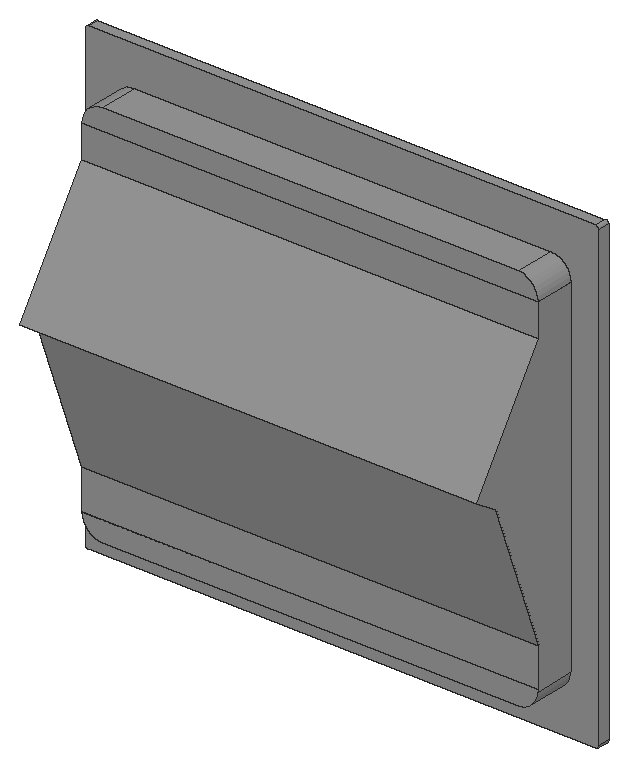
Revit family "L&L_LUCE&LIGHT_PASITO_1.1", category Lighting Fixtures, host Wall, Revit 2018 (continued)
Types (2, lengths in mm): name | built-in parameter 1150142 | Photometric Web File
     0.00 0.00 0.00 0.00 0.00 0.00 \r\n0.00 0.00 0.00 0.00 0.00 0.00 0.00 0.00 0.00 0.00 0.00 \r\n0.00 0.00 0.00 0.00 0.00 0.00 0.00 0.00 0.00 0.00 0.00 \r\n0.00 0.00 0.00 0.00 0.00 0.00 0.00 0.00 0.00 0.00 0.00 \r\n0.00 0.00 0.00 0.00 0.01 \r\n0.00 0.00 0.00 0.00 0.00 0.00 0.00 0.00 0.00 0.00 0.00 \r\n0.00 0.00 0.00 0.00 0.00 0.00 0.00 0.00 0.00 0.00 0.00 \r\n0.00 0.00 0.00 0.00 0.00 0.00 0.00 0.00 0.00 0.00 0.00 \r\n0.00 0.00 0.00 0.00 0.00 0.00 0.00 0.00 0.00 0.00 0.00 \r\n0.00 0.00 0.00 0.00 0.00 0.00 0.00 0.00 0.00 0.00 0.00 \r\n0.00 0.00 0.00 0.00 0.00 0.00 0.00 0.00 0.00 0.00 0.00 \r\n0.00 0.00 0.00 0.00 0.00 0.00 0.00 0.00 0.00 0.00 0.00 \r\n0.00 0.00 0.00 0.00 0.00 0.00 0.00 0.00 0.00 0.00 0.00 \r\n0.00 0.00 0.00 0.00 0.00 0.00 0.00 0.00 0.00 0.00 0.00 \r\n0.00 0.00 0.00 0.00 0.00 0.00 0.00 0.00 0.00 0.00 0.00 \r\n0.00 0.00 0.00 0.00 0.00 0.00 0.00 0.00 0.00 0.00 0.00 \r\n0.00 0.00 0.00 0.00 0.00 0.00 0.00 0.00 0.00 0.00 0.00 \r\n0.00 0.00 0.00 0.00 0.00 0.00 0.00 0.00 0.00 0.00 0.00 \r\n0.00 0.00 0.00 0.00 0.00 0.00 0.00 0.00 0.00 0.00 0.00 \r\n0.00 0.00 0.00 0.00 0.00 0.00 0.00 0.00 0.00 0.00 0.00 \r\n0.00 0.00 0.00 0.00 0.00 0.00 0.00 0.00 0.00 0.00 0.00 \r\n0.00 0.00 0.00 0.00 0.01 \r\n0.00 0.00 0.00 0.00 0.00 0.00 0.00 0.00 0.00 0.00 0.00 \r\n0.00 0.00 0.00 0.00 0.00 0.00 0.00 0.00 0.00 0.00 0.00 \r\n0.00 0.00 0.00 0.00 0.00 0.00 0.00 0.00 0.00 0.00 0.00 \r\n0.00 0.00 0.00 0.00 0.00 0.00 0.00 0.00 0.00 0.00 0.00 \r\n0.00 0.00 0.00 0.00 0.00 0.00 0.00 0.00 0.00 0.00 0.00 \r\n0.00 0.00 0.00 0.00 0.00 0.00 0.00 0.00 0.00 0.00 0.00 \r\n0.00 0.00 0.00 0.00 0.00 0.00 0.00 0.00 0.00 0.00 0.00 \r\n0.00 0.00 0.00 0.00 0.00 0.00 0.00 0.00 0.00 0.00 0.00 \r\n0.00 0.00 0.00 0.00 0.00 0.00 0.00 0.00 0.00 0.00 0.00 \r\n0.00 0.00 0.00 0.00 0.00 0.00 0.00 0.00 0.00 0.00 0.00 \r\n0.00 0.00 0.00 0.00 0.00 0.00 0.00 0.00 0.00 0.00 0.00 \r\n0.00 0.00 0.00 0.00 0.00 0.00 0.00 0.00 0.00 0.00 0.00 \r\n0.00 0.00 0.00 0.00 0.00 0.00 0.00 0.00 0.00 0.00 0.00 \r\n0.00 0.00 0.00 0.00 0.00 0.00 0.00 0.00 0.00 0.00 0.00 \r\n0.00 0.00 0.00 0.00 0.00 0.00 0.00 0.00 0.00 0.00 0.00 \r\n0.00 0.00 0.00 0.00 0.00 0.00 0.00 0.00 0.00 0.00 0.00 \r\n0.00 0.00 0.00 0.00 0.01 \r\n0.00 0.00 0.00 0.00 0.00 0.00 0.00 0.00 0.00 0.00 0.00 \r\n0.00 0.00 0.00 0.00 0.00 0.00 0.00 0.00 0.00 0.00 0.00 \r\n0.00 0.00 0.00 0.00 0.00 0.00 0.00 0.00 0.00 0.00 0.00 \r\n0.00 0.00 0.00 0.00 0.00 0.00 0.00 0.00 0.00 0.00 0.00 \r\n0.00 0.00 0.00 0.00 0.00 0.00 0.00 0.00 0.00 0.00 0.00 \r\n0.00 0.00 0.00 0.00 0.00 0.00 0.00 0.00 0.00 0.00 0.00 \r\n0.00 0.00 0.00 0.00 0.00 0.00 0.00 0.00 0.00 0.00 0.00 \r\n0.00 0.00 0.00 0.00 0.00 0.00 0.00 0.00 0.00 0.00 0.00 \r\n0.00 0.00 0.00 0.00 0.00 0.00 0.00 0.00 0.00 0.00 0.00 \r\n0.00 0.00 0.00 0.00 0.00 0.00 0.00 0.00 0.00 0.00 0.00 \r\n0.00 0.00 0.00 0.00 0.00 0.00 0.00 0.00 0.00 0.00 0.00 \r\n0.00 0.00 0.00 0.00 0.00 0.00 0.00 0.00 0.00 0.00 0.00 \r\n0.00 0.00 0.00 0.00 0.00 0.00 0.00 0.00 0.00 0.00 0.00 \r\n0.00 0.00 0.00 0.00 0.00 0.00 0.00 0.00 0.00 0.00 0.00 \r\n0.00 0.00 0.00 0.00 0.00 0.00 0.00 0.00 0.00 0.00 0.00 \r\n0.00 0.00 0.00 0.00 0.00 0.00 0.00 0.00 0.00 0.00 0.00 \r\n0.00 0.00 0.00 0.00 0.01 \r\n0.00 0.00 0.00 0.00 0.00 0.00 0.00 0.00 0.00 0.00 0.00 \r\n0.00 0.00 0.00 0.00 0.00 0.00 0.00 0.00 0.00 0.00 0.00 \r\n0.00 0.00 0.00 0.00 0.00 0.00 0.00 0.00 0.00 0.00 0.00 \r\n0.00 0.00 0.00 0.00 0.00 0.00 0.00 0.00 0.00 0.00 0.00 \r\n0.00 0.00 0.00 0.00 0.00 0.00 0.00 0.00 0.00 0.00 0.00 \r\n0.00 0.00 0.00 0.00 0.00 0.00 0.00 0.00 0.00 0.00 0.00 \r\n0.00 0.00 0.00 0.00 0.00 0.00 0.00 0.00 0.00 0.00 0.00 \r\n0.00 0.00 0.00 0.00 0.00 0.00 0.00 0.00 0.00 0.00 0.00 \r\n0.00 0.00 0.00 0.00 0.00 0.00 0.00 0.00 0.00 0.00 0.00 \r\n0.00 0.00 0.00 0.00 0.00 0.00 0.00 0.00 0.00 0.00 0.00 \r\n0.00 0.00 0.00 0.00 0.00 0.00 0.00 0.00 0.00 0.00 0.00 \r\n0.00 0.00 0.00 0.00 0.00 0.00 0.00 0.00 0.00 0.00 0.00 \r\n0.00 0.00 0.00 0.00 0.00 0.00 0.00 0.00 0.00 0.00 0.00 \r\n0.00 0.00 0.00 0.00 0.00 0.00 0.00 0.00 0.00 0.00 0.00 \r\n0.00 0.00 0.00 0.00 0.00 0.00 0.00 0.00 0.00 0.00 0.00 \r\n0.00 0.00 0.00 0.00 0.00 0.00 0.00 0.00 0.00 0.00 0.00 \r\n0.00 0.00 0.00 0.01 0.01 \r\n0.00 0.00 0.00 0.00 0.00 0.00 0.00 0.00 0.00 0.00 0.00 \r\n0.00 0.00 0.00 0.00 0.00 0.00 0.00 0.00 0.00 0.00 0.00 \r\n0.00 0.00 0.00 0.00 0.00 0.00 0.00 0.00 0.00 0.00 0.00 \r\n0.00 0.00 0.00 0.00 0.00 0.00 0.00 0.00 0.00 0.00 0.00 \r\n0.00 0.00 0.00 0.00 0.00 0.00 0.00 0.00 0.00 0.00 0.00 \r\n0.00 0.00 0.00 0.00 0.00 0.00 0.00 0.00 0.00 0.00 0.00 \r\n0.00 0.00 0.00 0.00 0.00 0.00 0.00 0.00 0.01 0.01 0.01 \r\n0.01 0.01 0.01 0.01 0.01 0.01 0.01 0.01 0.01 0.02 0.02 \r\n0.02 0.02 0.02 0.02 0.03 0.03 0.03 0.03 0.03 0.03 0.03 \r\n0.03 0.03 0.03 0.03 0.03 0.03 0.03 0.03 0.03 0.03 0.03 \r\n0.03 0.03 0.02 0.02 0.02 0.02 0.02 0.02 0.01 0.01 0.01 \r\n0.01 0.01 0.01 0.01 0.01 0.01 0.01 0.01 0.01 0.01 0.01 \r\n0.01 0.01 0.01 0.01 0.01 0.01 0.01 0.01 0.01 0.01 0.01 \r\n0.01 0.01 0.01 0.01 0.01 0.00 0.00 0.00 0.00 0.00 0.00 \r\n0.00 0.00 0.00 0.00 0.00 0.00 0.00 0.00 0.00 0.00 0.00 \r\n0.00 0.00 0.00 0.00 0.00 0.00 0.00 0.00 0.00 0.00 0.00 \r\n0.00 0.01 0.01 0.01 0.01 \r\n0.00 0.00 0.00 0.00 0.00 0.00 0.00 0.00 0.00 0.00 0.00 \r\n0.01 0.01 0.01 0.01 0.02 0.02 0.02 0.03 0.03 0.04 0.05 \r\n0.06 0.07 0.08 0.09 0.11 0.12 0.14 0.16 0.17 0.19 0.21 \r\n0.24 0.26 0.28 0.30 0.32 0.35 0.37 0.40 0.42 0.45 0.49 \r\n0.52 0.56 0.59 0.63 0.67 0.72 0.76 0.81 0.87 0.92 0.97 \r\n1.03 1.09 1.15 1.21 1.28 1.34 1.41 1.47 1.53 1.59 1.64 \r\n1.68 1.72 1.75 1.78 1.79 1.80 1.81 1.81 1.80 1.79 1.79 \r\n1.78 1.77 1.75 1.74 1.72 1.70 1.68 1.65 1.63 1.60 1.57 \r\n1.54 1.50 1.47 1.44 1.40 1.37 1.33 1.29 1.25 1.20 1.14 \r\n1.08 1.02 0.94 0.87 0.80 0.73 0.66 0.60 0.55 0.51 0.47 \r\n0.43 0.40 0.36 0.33 0.31 0.28 0.26 0.24 0.22 0.21 0.20 \r\n0.18 0.17 0.16 0.15 0.14 0.13 0.12 0.12 0.11 0.10 0.10 \r\n0.09 0.08 0.08 0.07 0.07 0.07 0.06 0.06 0.05 0.05 0.05 \r\n0.05 0.04 0.04 0.04 0.04 0.03 0.03 0.03 0.03 0.03 0.02 \r\n0.02 0.02 0.02 0.02 0.02 0.02 0.02 0.01 0.01 0.01 0.01 \r\n0.01 0.01 0.01 0.01 0.01 0.01 0.01 0.01 0.01 0.01 0.01 \r\n0.01 0.01 0.01 0.01 0.01 \r\n0.00 0.00 0.00 0.00 0.00 0.00 0.00 0.01 0.01 0.01 0.02 \r\n0.03 0.04 0.06 0.08 0.09 0.11 0.13 0.15 0.17 0.19 0.21 \r\n0.23 0.25 0.28 0.30 0.32 0.35 0.38 0.41 0.46 0.52 0.58 \r\n0.66 0.74 0.81 0.89 0.95 1.02 1.09 1.17 1.24 1.31 1.38 \r\n1.46 1.55 1.64 1.74 1.84 1.93 2.01 2.09 2.18 2.27 2.36 \r\n2.45 2.54 2.63 2.70 2.77 2.82 2.86 2.90 2.93 2.96 2.99 \r\n3.02 3.06 3.09 3.12 3.15 3.16 3.16 3.15 3.14 3.12 3.11 \r\n3.10 3.09 3.07 3.06 3.02 2.99 2.94 2.90 2.85 2.79 2.73 \r\n2.65 2.56 2.46 2.34 2.21 2.09 1.96 1.85 1.76 1.69 1.62 \r\n1.56 1.49 1.43 1.36 1.28 1.21 1.13 1.06 0.98 0.91 0.85 \r\n0.79 0.73 0.68 0.63 0.58 0.54 0.51 0.47 0.44 0.41 0.38 \r\n0.36 0.34 0.31 0.29 0.28 0.26 0.24 0.23 0.21 0.20 0.19 \r\n0.18 0.17 0.16 0.15 0.14 0.13 0.12 0.12 0.11 0.10 0.10 \r\n0.09 0.09 0.08 0.08 0.07 0.07 0.06 0.06 0.06 0.05 0.05 \r\n0.04 0.04 0.04 0.04 0.03 0.03 0.03 0.03 0.03 0.02 0.02 \r\n0.02 0.02 0.02 0.01 0.01 0.01 0.01 0.01 0.01 0.01 0.01 \r\n0.01 0.01 0.01 0.01 0.01 \r\n0.00 0.00 0.00 0.00 0.00 0.01 0.01 0.02 0.04 0.06 0.08 \r\n0.10 0.13 0.15 0.17 0.19 0.21 0.23 0.25 0.27 0.30 0.35 \r\n0.40 0.46 0.52 0.59 0.65 0.73 0.81 0.90 1.00 1.13 1.25 \r\n1.37 1.48 1.58 1.72 1.88 2.05 2.23 2.43 2.63 2.84 5.31 \r\n6.77 7.57 9.16 11.09 14.84 18.89 20.59 21.84 23.04 22.08 \r\n22.65 25.12 27.49 31.89 37.86 42.51 45.97 52.16 60.35 \r\n68.81 77.79 88.60 101.75 116.98 134.62 154.94 175.85 \r\n199.82 228.39 262.10 300.96 344.50 388.89 432.42 472.70 \r\n506.51 531.00 543.85 544.19 531.63 505.34 464.19 407.65 \r\n339.69 266.65 195.22 132.30 91.47 57.87 31.60 12.71 2.32 \r\n2.19 2.05 1.91 1.77 1.66 1.59 1.52 1.45 1.38 1.31 1.25 \r\n1.19 1.13 1.07 1.02 0.97 0.91 0.84 0.78 0.74 0.69 0.65 \r\n0.61 0.57 0.54 0.51 0.48 0.45 0.42 0.40 0.38 0.35 0.33 \r\n0.32 0.30 0.28 0.27 0.25 0.24 0.22 0.21 0.20 0.18 0.17 \r\n0.16 0.15 0.15 0.14 0.13 0.12 0.11 0.11 0.10 0.09 0.09 \r\n0.08 0.08 0.07 0.07 0.06 0.06 0.05 0.05 0.05 0.04 0.04 \r\n0.04 0.03 0.03 0.03 0.03 0.02 0.02 0.02 0.02 0.02 0.02 \r\n0.01 0.01 0.01 0.01 0.01 0.01 0.01 0.01 \r\n0.00 0.00 0.00 0.00 0.01 0.02 0.03 0.06 0.08 0.11 0.14 \r\n0.16 0.18 0.20 0.22 0.25 0.30 0.35 0.41 0.48 0.55 0.62 \r\n0.71 0.80 0.89 1.02 1.15 1.28 1.43 1.59 1.76 1.96 2.29 \r\n2.94 4.12 10.92 25.62 49.00 70.96 86.62 95.18 100.37 \r\n104.01 107.62 112.06 116.29 120.16 123.60 126.94 130.43 \r\n133.62 136.80 140.31 144.13 148.06 152.02 156.06 160.35 \r\n165.13 170.62 176.77 183.42 190.44 197.71 205.32 213.37 \r\n221.98 231.46 242.01 253.51 265.88 278.80 291.93 305.54 \r\n320.57 338.11 359.37 384.98 413.85 444.11 473.84 501.15 \r\n522.38 531.30 522.18 489.34 428.55 345.90 253.78 164.65 \r\n90.85 60.01 36.59 19.59 8.03 2.55 2.38 2.21 2.04 1.87 \r\n1.75 1.67 1.59 1.50 1.42 1.36 1.31 1.26 1.21 1.15 1.11 \r\n1.06 1.01 0.96 0.90 0.86 0.82 0.78 0.73 0.70 0.66 0.63 \r\n0.59 0.56 0.53 0.50 0.47 0.45 0.42 0.40 0.38 0.36 0.34 \r\n0.32 0.31 0.29 0.27 0.26 0.24 0.23 0.22 0.20 0.19 0.18 \r\n0.17 0.16 0.15 0.14 0.13 0.12 0.12 0.11 0.10 0.10 0.09 \r\n0.08 0.08 0.07 0.07 0.06 0.06 0.05 0.05 0.05 0.04 0.04 \r\n0.03 0.03 0.03 0.03 0.02 0.02 0.02 0.02 0.02 0.01 0.01 \r\n0.01 0.01 0.01 0.01 \r\n0.00 0.00 0.00 0.01 0.02 0.03 0.06 0.10 0.13 0.15 0.17 \r\n0.19 0.22 0.27 0.33 0.39 0.46 0.54 0.63 0.72 0.82 0.95 \r\n1.09 1.25 1.39 1.53 1.72 2.04 2.81 3.98 12.77 32.24 57.58 \r\n73.94 82.50 86.49 90.06 94.03 98.29 102.31 105.73 108.74 \r\n111.52 113.97 116.18 118.30 120.98 124.19 127.59 131.24 \r\n135.30 139.78 144.42 148.98 153.63 158.59 163.95 169.38 \r\n174.61 179.06 183.01 186.69 190.47 194.76 199.62 204.96 \r\n210.82 217.30 224.47 232.27 240.54 249.25 258.40 267.88 \r\n277.91 288.70 300.35 312.93 325.07 334.28 337.93 332.88 \r\n317.29 291.76 257.67 216.69 170.59 122.89 77.80 39.30 \r\n11.24 9.43 7.63 5.82 3.97 2.85 2.63 2.40 2.18 1.95 1.85 \r\n1.75 1.65 1.55 1.47 1.41 1.36 1.30 1.25 1.18 1.13 1.09 \r\n1.06 1.02 0.99 0.94 0.89 0.85 0.81 0.77 0.73 0.70 0.67 \r\n0.63 0.60 0.57 0.55 0.52 0.49 0.47 0.45 0.42 0.40 0.38 \r\n0.36 0.34 0.33 0.31 0.29 0.28 0.26 0.25 0.24 0.22 0.21 \r\n0.20 0.19 0.18 0.17 0.15 0.14 0.14 0.13 0.12 0.11 0.10 \r\n0.10 0.09 0.08 0.08 0.07 0.07 0.06 0.06 0.05 0.05 0.04 \r\n0.04 0.03 0.03 0.03 0.03 0.02 0.02 0.02 0.02 0.01 0.01 \r\n0.01 0.01 0.01 \r\n0.00 0.00 0.00 0.01 0.03 0.06 0.10 0.13 0.16 0.18 0.20 \r\n0.25 0.31 0.38 0.46 0.55 0.64 0.75 0.89 1.06 1.19 1.35 \r\n1.54 1.79 2.19 4.32 12.30 29.03 52.23 69.37 74.58 78.92 \r\n82.44 86.27 90.12 93.51 96.18 98.40 100.21 101.40 102.67 \r\n104.67 107.22 109.83 112.59 115.73 119.29 123.15 127.25 \r\n131.67 136.44 141.36 146.16 150.79 155.11 159.24 163.23 \r\n167.14 170.98 174.58 177.90 181.02 184.01 187.04 190.06 \r\n193.19 196.56 200.48 205.19 210.79 216.86 223.13 229.11 \r\n234.59 239.57 244.23 248.83 253.75 258.31 259.84 255.33 \r\n241.17 215.24 179.66 139.29 99.56 68.62 48.28 30.40 15.54 \r\n4.26 3.91 3.57 3.22 2.86 2.64 2.47 2.31 2.14 2.01 1.92 \r\n1.81 1.69 1.58 1.51 1.44 1.38 1.33 1.26 1.20 1.16 1.13 \r\n1.10 1.06 1.03 0.98 0.94 0.90 0.86 0.82 0.79 0.76 0.72 \r\n0.69 0.66 0.63 0.60 0.57 0.55 0.52 0.50 0.48 0.46 0.43 \r\n0.41 0.39 0.37 0.36 0.34 0.32 0.31 0.29 0.27 0.26 0.25 \r\n0.23 0.22 0.21 0.19 0.18 0.17 0.16 0.15 0.14 0.13 0.12 \r\n0.11 0.11 0.10 0.09 0.09 0.08 0.07 0.07 0.06 0.06 0.05 \r\n0.05 0.04 0.04 0.03 0.03 0.03 0.03 0.02 0.02 0.02 0.01 \r\n0.01 0.01 0.01 \r\n0.00 0.00 0.00 0.02 0.04 0.08 0.12 0.16 0.18 0.21 0.27 \r\n0.34 0.41 0.51 0.61 0.73 0.88 1.05 1.17 1.36 1.67 1.93 \r\n3.12 7.07 29.26 54.62 65.25 69.42 73.13 77.44 81.72 85.48 \r\n88.22 90.20 91.80 92.69 93.14 94.26 96.14 98.11 100.01 \r\n102.13 104.59 107.14 110.09 113.74 117.79 121.91 126.00 \r\n130.01 133.83 137.25 140.74 144.66 148.79 152.85 156.65 \r\n160.25 163.66 166.87 169.79 172.42 174.89 177.45 180.27 \r\n183.37 186.69 190.19 193.89 197.71 201.33 204.56 207.40 \r\n210.11 212.90 215.49 216.92 215.97 211.52 202.09 187.09 \r\n166.19 139.32 108.14 76.25 47.46 25.88 15.85 9.39 5.64 \r\n3.55 3.35 3.14 2.94 2.74 2.59 2.44 2.29 2.14 1.98 1.86 \r\n1.78 1.71 1.63 1.55 1.47 1.41 1.35 1.29 1.25 1.21 1.17 \r\n1.13 1.09 1.04 1.01 0.97 0.93 0.90 0.86 0.83 0.80 0.77 \r\n0.73 0.70 0.67 0.65 0.62 0.59 0.57 0.54 0.52 0.50 0.48 \r\n0.45 0.43 0.41 0.39 0.38 0.36 0.34 0.32 0.31 0.29 0.28 \r\n0.26 0.25 0.23 0.22 0.21 0.20 0.18 0.17 0.16 0.15 0.14 \r\n0.13 0.12 0.12 0.11 0.10 0.09 0.08 0.08 0.07 0.06 0.06 \r\n0.05 0.05 0.04 0.04 0.04 0.03 0.03 0.02 0.02 0.02 0.01 \r\n0.01 0.01 0.01 \r\n0.00 0.00 0.01 0.02 0.06 0.10 0.15 0.17 0.21 0.27 0.34 \r\n0.43 0.53 0.65 0.78 0.95 1.11 1.28 1.62 1.92 2.96 12.61 \r\n36.43 55.18 61.98 66.03 69.90 73.85 78.05 81.52 83.89 \r\n85.64 86.64 86.95 87.89 89.88 91.83 93.42 95.16 96.83 \r\n98.45 100.56 103.21 105.91 108.68 111.80 114.75 117.33 \r\n120.09 123.25 126.68 130.21 133.78 137.26 140.42 143.29 \r\n145.96 148.47 150.99 153.63 156.39 159.19 161.89 164.48 \r\n167.08 169.86 172.84 175.86 178.72 181.22 183.32 184.99 \r\n186.36 187.52 188.63 189.59 189.27 185.61 176.91 160.98 \r\n138.82 112.64 85.33 59.70 37.66 20.20 8.40 6.08 5.15 4.26 \r\n3.39 3.21 3.04 2.86 2.67 2.48 2.35 2.25 2.18 2.11 2.00 \r\n1.87 1.74 1.65 1.57 1.50 1.44 1.38 1.32 1.27 1.22 1.18 \r\n1.14 1.10 1.06 1.03 0.99 0.96 0.92 0.89 0.85 0.82 0.79 \r\n0.76 0.73 0.71 0.68 0.65 0.63 0.60 0.58 0.55 0.53 0.51 \r\n0.49 0.46 0.44 0.43 0.41 0.39 0.37 0.35 0.34 0.32 0.30 \r\n0.29 0.27 0.26 0.24 0.23 0.22 0.21 0.19 0.18 0.17 0.16 \r\n0.15 0.14 0.13 0.12 0.11 0.10 0.09 0.09 0.08 0.07 0.07 \r\n0.06 0.05 0.05 0.05 0.04 0.04 0.03 0.03 0.02 0.02 0.01 \r\n0.01 0.01 0.01 \r\n0.00 0.00 0.01 0.03 0.07 0.13 0.16 0.19 0.25 0.33 0.42 \r\n0.53 0.66 0.80 0.98 1.15 1.38 1.66 2.38 8.40 27.10 49.12 \r\n58.78 62.97 66.09 69.88 73.78 76.68 78.70 80.11 80.66 \r\n81.21 82.71 84.87 86.90 88.72 90.17 91.58 93.33 95.30 \r\n97.08 98.85 101.01 103.28 105.35 107.36 109.70 112.21 \r\n114.85 117.61 120.30 122.80 125.19 127.45 129.33 130.76 \r\n132.17 134.00 136.08 138.07 139.88 141.72 143.78 146.02 \r\n148.27 150.57 152.94 155.27 157.41 159.24 160.89 162.37 \r\n163.79 165.13 165.84 164.55 160.56 151.85 138.14 119.50 \r\n96.38 71.23 47.47 28.70 18.58 11.03 5.85 4.01 3.74 3.47 \r\n3.21 3.06 2.91 2.76 2.59 2.44 2.33 2.24 2.14 2.04 1.94 \r\n1.84 1.75 1.67 1.59 1.52 1.46 1.39 1.33 1.28 1.23 1.19 \r\n1.16 1.12 1.08 1.04 1.01 0.97 0.94 0.91 0.88 0.84 0.81 \r\n0.78 0.76 0.73 0.70 0.68 0.65 0.62 0.60 0.58 0.56 0.53 \r\n0.51 0.49 0.47 0.45 0.43 0.41 0.40 0.38 0.36 0.34 0.33 \r\n0.31 0.29 0.28 0.26 0.25 0.24 0.22 0.21 0.20 0.19 0.17 \r\n0.16 0.15 0.14 0.13 0.12 0.11 0.10 0.09 0.09 0.08 0.07 \r\n0.07 0.06 0.06 0.05 0.05 0.04 0.04 0.03 0.03 0.02 0.02 \r\n0.01 0.01 0.01 \r\n0.00 0.00 0.01 0.04 0.09 0.14 0.17 0.22 0.30 0.40 0.51 \r\n0.64 0.79 0.97 1.16 1.40 1.76 2.41 12.24 35.30 54.56 \r\n59.27 62.25 65.98 69.72 72.64 74.24 75.23 75.74 76.01 \r\n77.10 79.17 81.31 82.92 84.35 85.74 87.44 89.28 90.78 \r\n92.16 93.93 95.77 97.27 99.08 101.18 103.16 105.29 107.51 \r\n109.36 111.04 112.77 114.36 115.58 116.52 117.67 119.09 \r\n120.40 121.51 122.65 123.96 125.38 126.86 128.38 129.95 \r\n131.61 133.31 135.01 136.58 137.79 138.51 138.91 139.43 \r\n140.00 140.29 139.67 136.90 130.50 119.35 103.22 83.79 \r\n63.12 43.18 25.90 12.84 7.24 5.75 4.43 3.46 3.31 3.15 \r\n3.00 2.73 2.64 2.60 2.54 2.42 2.30 2.18 2.07 1.98 1.89 \r\n1.81 1.72 1.65 1.59 1.54 1.49 1.43 1.37 1.30 1.24 1.19 \r\n1.15 1.12 1.09 1.06 1.02 0.99 0.95 0.92 0.89 0.86 0.83 \r\n0.80 0.77 0.75 0.72 0.69 0.67 0.64 0.62 0.60 0.57 0.55 \r\n0.53 0.51 0.49 0.47 0.45 0.43 0.41 0.40 0.38 0.36 0.35 \r\n0.33 0.31 0.30 0.28 0.27 0.25 0.24 0.22 0.21 0.20 0.19 \r\n0.17 0.16 0.15 0.14 0.13 0.12 0.11 0.10 0.09 0.09 0.08 \r\n0.07 0.07 0.06 0.06 0.05 0.04 0.04 0.03 0.03 0.02 0.02 \r\n0.01 0.01 0.01 \r\n0.00 0.00 0.01 0.04 0.10 0.15 0.19 0.25 0.35 0.46 0.59 \r\n0.74 0.92 1.11 1.40 1.74 2.72 11.63 38.71 54.99 58.02 \r\n61.36 64.75 68.16 70.29 71.31 71.97 71.91 72.35 73.87 \r\n75.76 77.24 78.39 79.48 81.02 82.92 84.45 85.71 87.21 \r\n88.94 90.41 92.04 93.82 95.49 97.37 99.27 100.79 102.05 \r\n103.27 104.37 105.19 105.93 106.80 107.75 108.66 109.39 \r\n110.04 110.87 111.72 112.40 113.10 114.02 115.05 116.03 \r\n117.14 118.48 119.74 120.73 121.43 121.90 122.25 122.58 \r\n122.86 123.41 121.80 116.55 106.45 92.12 74.81 56.08 \r\n37.89 22.49 13.46 7.80 4.41 3.68 3.42 3.18 2.98 2.88 2.81 \r\n2.69 2.59 2.49 2.39 2.29 2.19 2.09 2.00 1.91 1.83 1.76 \r\n1.69 1.64 1.60 1.55 1.50 1.45 1.39 1.33 1.26 1.20 1.15 \r\n1.11 1.08 1.05 1.02 0.99 0.96 0.92 0.89 0.87 0.84 0.81 \r\n0.78 0.76 0.73 0.70 0.68 0.65 0.63 0.61 0.59 0.56 0.54 \r\n0.52 0.50 0.48 0.46 0.45 0.43 0.4
